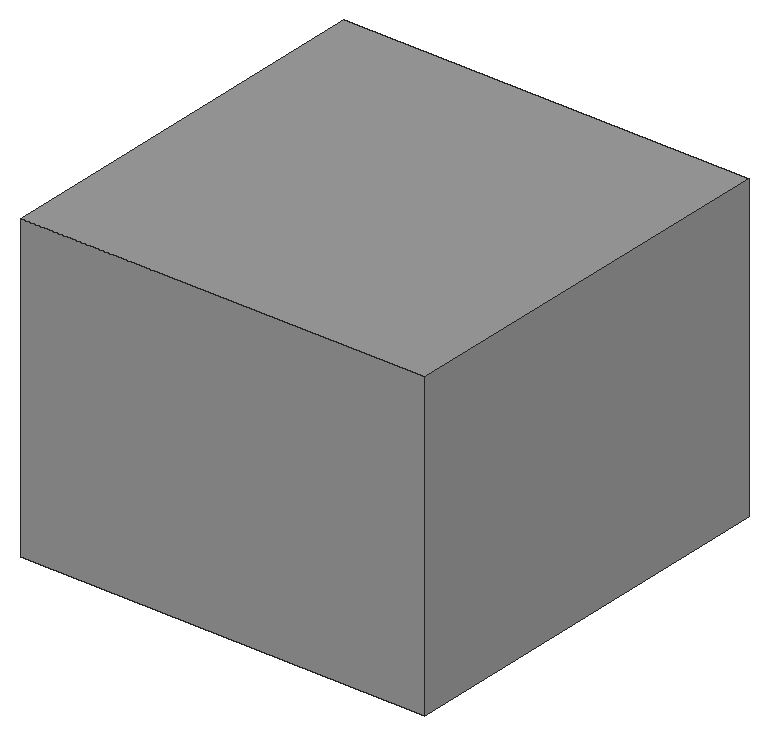
Revit family "Pull Box", category Electrical Fixtures, Revit 2021
Family settings
  Maintain Annotation Orientation = No
  Round Connector Dimension = Use Diameter
  Part Type = Normal
  OmniClass Number = 23.80.00.00
  OmniClass Title = Electric Power and Lighting
  Work Plane-Based = No
  Always vertical = Yes
  Cut with Voids When Loaded = No
  Shared = No
  Room Calculation Point = No
Parameters
  Width [instance] = 40 mm
  SubSquare [instance] = 40 mm
  Material Code [instance] = ""
  LargeSquare [instance] = 200 mm
  Height [instance] = 30 mm
  Depth [instance] = 40 mm
  Default Elevation = 0 mm
Reference planes
  plane 1 "Center (Front/Back)": y = 0
  plane 2: z = 0
  plane 3 "Center (Left/Right)": x = 0
Forms (mm)
  Extrusion 1, solid, material "Default"
    sketch origin (0, 0, 0) x (1, 0, 0) y (0, 1, 0)
      loop
        line (-20, 20) -> (-20, -20) -> (20, -20) -> (20, 20) -> (-20, 20)
    from -15 to 15
Lines and regions (mm)
  model lines, style "Pull Box Line"
    curve 1: line (-20, 20, 0) -> (20, -20, 0)
    curve 2: line (20, 20, 0) -> (-20, -20, 0)
Dimensions and locks
  "Width": Extrusion 1 to Extrusion 1
  "Depth": Extrusion 1 to Extrusion 1
  "Height": Extrusion 1 to Extrusion 1
  Extrusion 1 to Extrusion 1 = 40 mm
  equal spacing: Extrusion 1, plane 3 "Center (Left/Right)", Extrusion 1
  equal spacing: Extrusion 1, level, Extrusion 1
  aligned and locked: level to plane 2
Automatic sketch dimensions
  Extrusion 1 sketch curve to plane 1 "Center (Front/Back)" = 20 mm
  plane 1 "Center (Front/Back)" to Extrusion 1 sketch curve = 20 mm
  plane 1 "Center (Front/Back)" to curve 1 = 20 mm
  plane 1 "Center (Front/Back)" to curve 2 = 20 mm
  curve 2 to plane 1 "Center (Front/Back)" = 20 mm
  curve 1 to plane 1 "Center (Front/Back)" = 20 mm
  plane 3 "Center (Left/Right)" to curve 2 = 20 mm
  plane 3 "Center (Left/Right)" to curve 1 = 20 mm
  plane 3 "Center (Left/Right)" to Extrusion 1 sketch curve = 20 mm
  curve 1 to plane 3 "Center (Left/Right)" = 20 mm
  curve 2 to plane 3 "Center (Left/Right)" = 20 mm
  Extrusion 1 sketch curve to plane 3 "Center (Left/Right)" = 20 mm
Connectors
  cabletrayconduit at (0, 0, 15), diameter 16
    settings: on Extrusion 1, index 1, connector width 300 mm, connector height 300 mm, connector angle 0.00°, system type 32, placement type 0, profile type 0, connector reference index -1, is primary connector yes, connector utility param no, connector description "Top"
  cabletrayconduit at (0, 20, 0), diameter 16
    settings: on Extrusion 1, index 2, connector width 300 mm, connector height 300 mm, connector angle 0.00°, system type 32, placement type 0, profile type 0, connector reference index -1, is primary connector no, connector utility param no, connector description "Back"
  cabletrayconduit at (0, -20, 0), diameter 16
    settings: on Extrusion 1, index 3, connector width 300 mm, connector height 300 mm, connector angle 0.00°, system type 32, placement type 0, profile type 0, connector reference index -1, is primary connector no, connector utility param no, connector description "Front"
  cabletrayconduit at (-20, 0, 0), diameter 16
    settings: on Extrusion 1, index 4, connector width 300 mm, connector height 300 mm, connector angle 0.00°, system type 32, placement type 0, profile type 0, connector reference index -1, is primary connector no, connector utility param no, connector description "Left"
  cabletrayconduit at (20, 0, 0), diameter 16
    settings: on Extrusion 1, index 5, connector width 300 mm, connector height 300 mm, connector angle 0.00°, system type 32, placement type 0, profile type 0, connector reference index -1, is primary connector no, connector utility param no, connector description "Right"
  cabletrayconduit at (0, 0, -15), diameter 16
    settings: on Extrusion 1, index 6, connector width 300 mm, connector height 300 mm, connector angle 0.00°, system type 32, placement type 0, profile type 0, connector reference index -1, is primary connector no, connector utility param no, connector description "Bottom"
